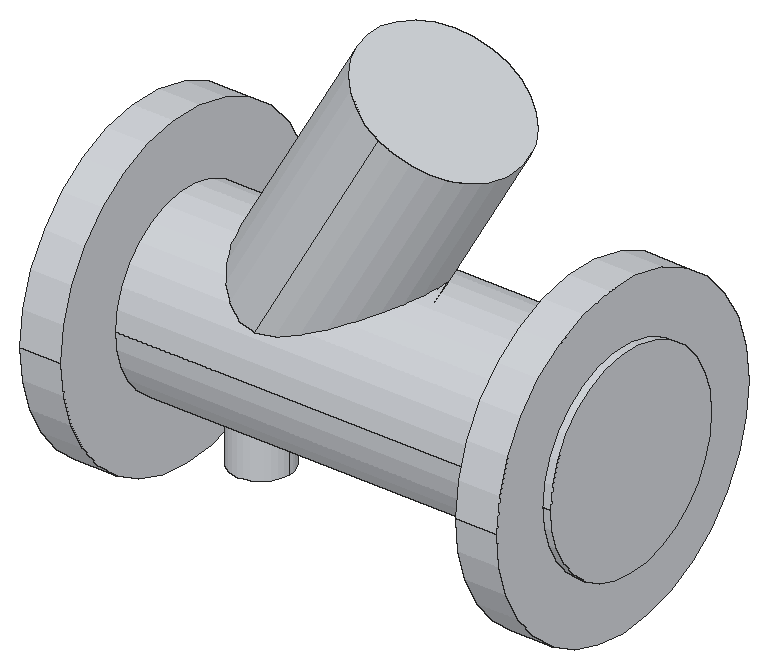
Revit family "HS 821-síto_standard-PN25-DN065-RFA_2018", category Pipe Accessories, Revit 2018
Family settings
  Round Connector Dimension = Use Diameter
  Part Type = Breaks Into
  Work Plane-Based = No
  Always vertical = Yes
  Cut with Voids When Loaded = No
  Shared = No
Parameters (values of type "821D-DN065-PN25-síto_standard")
  magiProductId = "767b0f8318e94750bc7a9930ed5b30"
  magiProductFamilyId = "79214ac3aaa945e397802f559f5c1e"
  magiPartTypeId = 307
  isMeasuringValve [instance] = no
  ang2D [instance] = 0.00°
  ZB__ve = -ZB  # -29.75 mm
  ZB1 = 47.79 mm
  ZB = 29.75 mm
  X2 = 86.927 mm
  X1 = 40.6 mm
  W2D = 15 mm
  VersionID = "2.0/2017.9.26.1/ZETKAMA_821_001"
  Use Minimum Symbol Size [instance] = yes
  URL = "www.hydronic.cz"
  Type Comments = "Filtr přírubový; síto standardní; A-PN16 (-10~300°C); D-PN25 (-10~350°C); F-PN40 (-10~400°C)"
  S = 118 mm
  QmdConnectorList = "301;D;302;D"
  Productdata [instance] = ""
  Manufacturer = "Hydronic Systems Prague s.r.o."
  MC Product Code = "200 265 (821D; DN065; PN25; kvs101,5; oko síta 1,25mm)"
  LM1 = 23.2 mm
  LM = 232 mm
  L4 = 72.5 mm
  L2D_Min = 3048 mm
  L2D = 130 mm
  L2 = 145 mm
  HH2 = 150.562 mm
  FD = 185 mm
  Description = "Filtr přírubový; síto standardní; 821A-PN16; 821D-PN25; 821F-PN40"
  DM1 = 94.2 mm
  DM = 106.2 mm
  D = 65 mm
  CC = 4.93 mm
  CAT0 = yes
  C1 = 24.07 mm
  C = 29 mm
  BD = 33.453 mm
Types (40, lengths in mm): name | magiProductId | ZB__ve | ZB1 | ZB | X2 | X1 | S | MC Product Code | LM1 | LM | L4 | L2 | HH2 | FD | DM1 | DM | D | CC | C1 | C | BD
  821A-DN015-PN16-síto_standard | "a71bcfe8b393460598b23e8ddf7dc5" | -16.25 | 18.63 | 16.25 | 46.982 | 18.2 | 46 | "200 115 (821A; DN015; PN16; kvs6,3; oko síta 1,00mm)" | 10.4 | 104 | 32.5 | 65 | 81.375 | 95 | 27.6 | 41.4 | 15 | 2.21 | 10.79 | 13 | 13.041
  821A-DN020-PN16-síto_standard | "41cd6c7a12924f4991217528336076" | -17.75 | 22.68 | 17.75 | 51.673 | 21 | 56 | "200 120 (821A; DN020; PN16; kvs11,2; oko síta 1,00mm)" | 12 | 120 | 37.5 | 75 | 89.5 | 105 | 33.6 | 50.4 | 20 | 2.55 | 12.45 | 15 | 15.876
  821A-DN025-PN16-síto_standard | "be378b463ed14c3abf4c9b3ae8cf3a" | -19.25 | 26.325 | 19.25 | 58.601 | 22.4 | 65 | "200 125 (821A; DN025; PN16; kvs14,7; oko síta 1,00mm)" | 12.8 | 128 | 40 | 80 | 101.5 | 115 | 43.2 | 58.5 | 25 | 2.72 | 13.28 | 16 | 18.427
  821A-DN032-PN16-síto_standard | "227a0d18b21540afabe8b6067d35fa" | -23 | 30.78 | 23 | 68.849 | 25.2 | 76 | "200 132 (821A; DN032; PN16; kvs23,7; oko síta 1,00mm)" | 14.4 | 144 | 45 | 90 | 119.25 | 140 | 50.4 | 68.4 | 32 | 3.06 | 14.94 | 18 | 21.546
  821A-DN040-PN16-síto_standard | "d106917c74724141a10440112d0102" | -24.5 | 34.02 | 24.5 | 75.777 | 28 | 84 | "200 140 (821A; DN040; PN16; kvs37,7; oko síta 1,00mm)" | 16 | 160 | 50 | 100 | 131.25 | 150 | 60 | 75.6 | 40 | 3.4 | 16.6 | 20 | 23.814
  821A-DN050-PN16-síto_standard | "8255d456a09e4f6486734f5dd9171b" | -26.75 | 40.095 | 26.75 | 79.061 | 32.2 | 99 | "200 150 (821A; DN050 PN16; kvs57,9; oko síta 1,00mm)" | 18.4 | 184 | 57.5 | 115 | 136.938 | 165 | 73.8 | 89.1 | 50 | 3.91 | 19.09 | 23 | 28.066
  821A-DN065-PN16-síto_standard | "235b1b3e4c0843779a4d5e3716d40a" | -29.75 | 47.79 | 29.75 | 86.927 | 40.6 | 118 | "200 165 (821A; DN065; PN16; kvs101,5; oko síta 1,25mm)" | 23.2 | 232 | 72.5 | 145 | 150.562 | 185 | 94.2 | 106.2 | 65 | 4.93 | 24.07 | 29 | 33.453
  821A-DN080-PN16-síto_standard | "a067f7c5236348ed8c820d16df7214" | -32 | 53.46 | 32 | 104.753 | 43.4 | 132 | "200 180 (821A; DN080; PN16; kvs147,4; oko síta 1,25mm)" | 24.8 | 248 | 77.5 | 155 | 181.438 | 200 | 107.4 | 118.8 | 80 | 5.27 | 25.73 | 31 | 37.422
  821A-DN100-PN16-síto_standard | "c49a648c2747461285837d643703cd" | -35 | 63.18 | 35 | 114.857 | 49 | 156 | "200 190 (821A; DN100; PN16; kvs209,6; oko síta 1,60mm)" | 28 | 280 | 87.5 | 175 | 198.937 | 220 | 131.4 | 140.4 | 100 | 5.95 | 29.05 | 35 | 44.226
  821A-DN125-PN16-síto_standard | "bf68e728a163493cbd2a663b26ebdc" | -39.5 | 74.52 | 39.5 | 131.888 | 56 | 184 | "200 191 (821A; DN125; PN16; kvs326,2; oko síta 1,60mm)" | 32 | 320 | 100 | 200 | 228.438 | 250 | 165 | 165.6 | 125 | 6.8 | 33.2 | 40 | 52.164
  821A-DN150-PN16-síto_standard | "2de770284b654863ae6bc865769dc5" | -44.75 | 85.455 | 44.75 | 155.885 | 67.2 | 211 | "200 192 (821A; DN150; PN16; kvs403; oko síta 1,60mm)" | 38.4 | 384 | 120 | 240 | 270 | 285 | 192 | 189.9 | 150 | 8.16 | 39.84 | 48 | 59.818
  821A-DN200-PN16-síto_standard | "8e5693371ab64aabb29a7f08c76e15" | -53 | 107.73 | 53 | 188.361 | 84 | 266 | "200 193 (821A; DN200; PN16; kvs707; oko síta 1,60mm)" | 48 | 480 | 150 | 300 | 326.25 | 340 | 252 | 239.4 | 200 | 10.2 | 49.8 | 60 | 75.411
  821A-DN250-PN16-síto_standard | "05e37ed948c34047acdd4c42556504" | -62.75 | 129.195 | 62.75 | 255.911 | 102.2 | 319 | "200 194 (821A; DN250; PN16; kvs1234; oko síta 1,60mm)" | 58.4 | 584 | 182.5 | 365 | 443.25 | 405 | 309.6 | 287.1 | 250 | 12.41 | 60.59 | 73 | 90.436
  821A-DN300-PN16-síto_standard | "9ad0af747269428da925480d83ce80" | -71 | 149.85 | 71 | 325.914 | 119 | 370 | "200 195 (821A; DN300; PN16; kvs1916; oko síta 1,60mm)" | 68 | 680 | 212.5 | 425 | 564.5 | 460 | 369.6 | 333 | 300 | 14.45 | 70.55 | 85 | 104.895
  821A-DN350-PN16-síto_standard | "eebc71459bb3451bb4355e7951370a" | -80 | 173.745 | 80 | 356.875 | 137.2 | 429 | "200 196 (821A; DN350; PN16; kvs2621; oko síta 1,60mm)" | 78.4 | 784 | 245 | 490 | 618.125 | 520 | 438 | 386.1 | 350 | 16.66 | 81.34 | 98 | 121.621
  821A-DN400-PN16-síto_standard | "d2f677cb196647e385b2590e7d8abe" | -89 | 194.4 | 89 | 392.237 | 154 | 480 | "200 197 (821A; DN400; PN16; kvs3460; oko síta 1,60mm)" | 88 | 880 | 275 | 550 | 679.375 | 580 | 498 | 432 | 400 | 18.7 | 91.3 | 110 | 136.08
  821D-DN015-PN25-síto_standard | "27ddcbf555414f8ca1fde329bf9087" | -16.25 | 18.63 | 16.25 | 46.982 | 18.2 | 46 | "200 215 (821D; DN015; PN25; kvs6,3; oko síta 1,00mm)" | 10.4 | 104 | 32.5 | 65 | 81.375 | 95 | 27.6 | 41.4 | 15 | 2.21 | 10.79 | 13 | 13.041
  821D-DN020-PN25-síto_standard | "270e0f14012f47189cd0235c18faee" | -17.75 | 22.68 | 17.75 | 51.673 | 21 | 56 | "200 220 (821D; DN020; PN25; kvs11,2; oko síta 1,00mm)" | 12 | 120 | 37.5 | 75 | 89.5 | 105 | 33.6 | 50.4 | 20 | 2.55 | 12.45 | 15 | 15.876
  821D-DN025-PN25-síto_standard | "b9a7fb4aa36643878c637d8e1ab992" | -19.25 | 26.325 | 19.25 | 58.601 | 22.4 | 65 | "200 225 (821D; DN025; PN25; kvs14,7; oko síta 1,00mm)" | 12.8 | 128 | 40 | 80 | 101.5 | 115 | 43.2 | 58.5 | 25 | 2.72 | 13.28 | 16 | 18.427
  821D-DN032-PN25-síto_standard | "6be9a55c4e68400f94eec7e804204c" | -23 | 30.78 | 23 | 68.849 | 25.2 | 76 | "200 232 (821D; DN032; PN25; kvs23,7; oko síta 1,00mm)" | 14.4 | 144 | 45 | 90 | 119.25 | 140 | 50.4 | 68.4 | 32 | 3.06 | 14.94 | 18 | 21.546
  821D-DN040-PN25-síto_standard | "c54511bd7f584ec2984291479612cb" | -24.5 | 34.02 | 24.5 | 75.777 | 28 | 84 | "200 240 (821D; DN040; PN25; kvs37,7; oko síta 1,00mm)" | 16 | 160 | 50 | 100 | 131.25 | 150 | 60 | 75.6 | 40 | 3.4 | 16.6 | 20 | 23.814
  821D-DN050-PN25-síto_standard | "5483b1f596b04cd39b23a14a22c90e" | -26.75 | 40.095 | 26.75 | 79.061 | 32.2 | 99 | "200 250 (821D; DN050; PN25; kvs57,9; oko síta 1,00mm)" | 18.4 | 184 | 57.5 | 115 | 136.938 | 165 | 73.8 | 89.1 | 50 | 3.91 | 19.09 | 23 | 28.066
  821D-DN065-PN25-síto_standard | "767b0f8318e94750bc7a9930ed5b30" | -29.75 | 47.79 | 29.75 | 86.927 | 40.6 | 118 | "200 265 (821D; DN065; PN25; kvs101,5; oko síta 1,25mm)" | 23.2 | 232 | 72.5 | 145 | 150.562 | 185 | 94.2 | 106.2 | 65 | 4.93 | 24.07 | 29 | 33.453
  821D-DN080-PN25-síto_standard | "e21040fa3cc2404b858198f6b73709" | -32 | 53.46 | 32 | 104.753 | 43.4 | 132 | "200 280 (821D; DN080; PN25; kvs147,4; oko síta 1,25mm)" | 24.8 | 248 | 77.5 | 155 | 181.438 | 200 | 107.4 | 118.8 | 80 | 5.27 | 25.73 | 31 | 37.422
  821D-DN100-PN25-síto_standard | "175ca87a506b40b3bc6b82f12f33cf" | -37.25 | 63.18 | 37.25 | 114.857 | 49 | 156 | "200 290 (821D; DN100; PN25; kvs209,6; oko síta 1,60mm)" | 28 | 280 | 87.5 | 175 | 198.937 | 235 | 131.4 | 140.4 | 100 | 5.95 | 29.05 | 35 | 44.226
  821D-DN125-PN25-síto_standard | "77cc98d60da24855999a22dff726b2" | -42.5 | 74.52 | 42.5 | 131.888 | 56 | 184 | "200 291 (821D; DN125; PN25; kvs326,2; oko síta 1,60mm)" | 32 | 320 | 100 | 200 | 228.438 | 270 | 165 | 165.6 | 125 | 6.8 | 33.2 | 40 | 52.164
  821D-DN150-PN25-síto_standard | "9cf8acfcd15547d68e83172d3abcbe" | -47 | 85.455 | 47 | 155.885 | 67.2 | 211 | "200 292 (821D; DN150; PN25; kvs403; oko síta 1,60mm)" | 38.4 | 384 | 120 | 240 | 270 | 300 | 192 | 189.9 | 150 | 8.16 | 39.84 | 48 | 59.818
  821D-DN200-PN25-síto_standard | "16973f3c9ea14389ba8602495a6b64" | -56 | 110.97 | 56 | 188.361 | 84 | 274 | "200 293 (821D; DN200; PN25; kvs707; oko síta 1,60mm)" | 48 | 480 | 150 | 300 | 326.25 | 360 | 252 | 246.6 | 200 | 10.2 | 49.8 | 60 | 77.679
  821F-DN015-PN40-síto_standard | "4c7eaf3c4c0340888b3e684d8a8616" | -16.25 | 18.225 | 16.25 | 46.982 | 18.2 | 45 | "240 615 (821F; DN015; PN40; kvs6,3; oko síta 1,00mm)" | 10.4 | 104 | 32.5 | 65 | 81.375 | 95 | 27.6 | 40.5 | 15 | 2.21 | 10.79 | 13 | 12.757
  821F-DN020-PN40-síto_standard | "aaac5f1ec96b44d6ba96ac2293d66d" | -17.75 | 23.49 | 17.75 | 51.673 | 21 | 58 | "240 620 (821F; DN020; PN40; kvs11,2; oko síta 1,00mm)" | 12 | 120 | 37.5 | 75 | 89.5 | 105 | 33.6 | 52.2 | 20 | 2.55 | 12.45 | 15 | 16.443
  821F-DN025-PN40-síto_standard | "504768023968471481789485b54c7e" | -19.25 | 27.54 | 19.25 | 58.601 | 22.4 | 68 | "240 625 (821F; DN025; PN40; kvs14,7; oko síta 1,00mm)" | 12.8 | 128 | 40 | 80 | 101.5 | 115 | 43.2 | 61.2 | 25 | 2.72 | 13.28 | 16 | 19.278
  821F-DN032-PN40-síto_standard | "165e7f39cf744f329bdf1c400dad12" | -23 | 31.59 | 23 | 68.849 | 25.2 | 78 | "240 632 (821F; DN032; PN40; kvs23,7; oko síta 1,00mm)" | 14.4 | 144 | 45 | 90 | 119.25 | 140 | 50.4 | 70.2 | 32 | 3.06 | 14.94 | 18 | 22.113
  821F-DN040-PN40-síto_standard | "b8903f952089408fbf3a5a632bab1f" | -24.5 | 35.64 | 24.5 | 75.777 | 28 | 88 | "240 640 (821F; DN040; PN40; kvs37,7; oko síta 1,00mm)" | 16 | 160 | 50 | 100 | 131.25 | 150 | 60 | 79.2 | 40 | 3.4 | 16.6 | 20 | 24.948
  821F-DN050-PN40-síto_standard | "c451f97266fe48da8f879cb6a2bd44" | -26.75 | 41.31 | 26.75 | 79.061 | 32.2 | 102 | "240 650 (821F; DN050; PN40; kvs57,9; oko síta 1,00mm)" | 18.4 | 184 | 57.5 | 115 | 136.938 | 165 | 73.8 | 91.8 | 50 | 3.91 | 19.09 | 23 | 28.917
  821F-DN065-PN40-síto_standard | "dc9821e3f9b34e128f6a8c6b34c198" | -29.75 | 49.41 | 29.75 | 86.927 | 40.6 | 122 | "240 665 (821F; DN065; PN40; kvs101,5; oko síta 1,25mm)" | 23.2 | 232 | 72.5 | 145 | 150.562 | 185 | 94.2 | 109.8 | 65 | 4.93 | 24.07 | 29 | 34.587
  821F-DN080-PN40-síto_standard | "689aa1e260f84cf4994f027a1d86b5" | -32 | 55.89 | 32 | 104.753 | 43.4 | 138 | "240 680 (821F; DN080; PN40; kvs147,4; oko síta 1,25mm)" | 24.8 | 248 | 77.5 | 155 | 181.438 | 200 | 107.4 | 124.2 | 80 | 5.27 | 25.73 | 31 | 39.123
  821F-DN100-PN40-síto_standard | "8a45d4e8e2ab425f8c432f21d684f3" | -37.25 | 65.61 | 37.25 | 114.857 | 49 | 162 | "240 690 (821F; DN100; PN40; kvs209,6; oko síta 1,6mm)" | 28 | 280 | 87.5 | 175 | 198.937 | 235 | 131.4 | 145.8 | 100 | 5.95 | 29.05 | 35 | 45.927
  821F-DN125-PN40-síto_standard | "cf073904c006406b8645afa67ea2fc" | -42.5 | 76.14 | 42.5 | 131.888 | 56 | 188 | "240 691 (821F; DN125; PN40; kvs326,2; oko síta 1,6mm)" | 32 | 320 | 100 | 200 | 228.438 | 270 | 165 | 169.2 | 125 | 6.8 | 33.2 | 40 | 53.298
  821F-DN150-PN40-síto_standard | "0153b9ddabe14992a630484929fdbc" | -47 | 88.29 | 47 | 155.885 | 67.2 | 218 | "240 692 (821F; DN150; PN40; kvs403; oko síta 1,6mm)" | 38.4 | 384 | 120 | 240 | 270 | 300 | 192 | 196.2 | 150 | 8.16 | 39.84 | 48 | 61.803
  821F-DN200-PN40-síto_standard | "7fb3fc01dd8d42428c203e3f8dd4d5" | -56 | 115.425 | 56 | 188.361 | 84 | 285 | "240 693 (821F; DN200; PN40; kvs707; oko síta 1,6mm)" | 48 | 480 | 150 | 300 | 326.25 | 360 | 252 | 256.5 | 200 | 10.2 | 49.8 | 60 | 80.797
Reference planes
  plane 1 "Center (Front/Back)": y = 0
  plane 2 "XYPLANE": z = 0
  plane 3 "Center (Left/Right)": x = 0
  plane 4 "109": x = -92.8
  plane 5 "108": x = 116
  plane 6 "107": x = -116
  plane 7 "105": x = 145
  plane 8 "104": x = -145
  plane 9 "103": y = 0
  plane 10 "102": z = 0
  plane 11 "101": x = -140.07
  plane 12 "100": x = 140.07
  plane 13 "11": x = -52.2
  plane 14 "10": z = 150.562
  plane 15 "9": x = 34.727
  plane 16 "5": z = -47.79
  plane 17 "4": x = -72.5
  plane 18 "1": x = 72.5
Forms (mm)
  Extrusion 1, solid, visible <- "CAT0"
    sketch origin (-116, -750, 0) x (0, 1, 0) y (0, 0, 1)
      loop
        circle (750, 0) r 53.1
    from 0 to 232 <- "LM"
  Extrusion 2, solid
    sketch origin (-145, -750, 0) x (0, 1, 0) y (0, 0, 1)
      loop
        circle (750, 0) r 59
    from 0 to 4.93 <- "CC"
  Extrusion 3, solid
    sketch origin (-140.07, -750, 0) x (0, 1, 0) y (0, 0, 1)
      loop
        circle (750, 0) r 92.5
    from 0 to 24.07 <- "C1"
  Extrusion 4, solid
    sketch origin (116, -750, 0) x (0, 1, 0) y (0, 0, 1)
      loop
        circle (750, 0) r 92.5
    from 0 to 24.07 <- "C1"
  Extrusion 5, solid
    sketch origin (140.07, -750, 0) x (0, 1, 0) y (0, 0, 1)
      loop
        circle (750, 0) r 59
    from 0 to 4.93 <- "CC"
  Sweep 6, solid, visible <- "CAT0"
    path origin (750, 0, 0) x (-1, 0, 0) y (0, 0, 1)
      loop
        line (866, 0) -> (802.2, 0) -> (715.273, 150.562)
    profile origin (-116, 0, 0) x (0, 0, -1) y (0, 1, 0)
      loop
        circle (0, 0) r 47.1
  Extrusion 7, solid, visible <- "CAT0"
    sketch origin (-750, 0, -47.79) x (1, 0, 0) y (0, 1, 0)
      loop
        circle (677.5, 0) r 16.726
    from 0 to -29.75 <- "ZB__ve"
  Extrusion 8, solid, visible <- "CAT0"
    sketch origin (-750, 0, -47.79) x (1, 0, 0) y (0, 1, 0)
      loop
        circle (822.5, 0) r 16.726
    from 0 to -29.75 <- "ZB__ve"
  Extrusion 9, solid, not visible
    sketch origin (145, -750, 0) x (0, 1, 0) y (0, 0, 1)
      loop
        circle (750, 0) r 10
    from 0 to -10
  Extrusion 10, solid, not visible
    sketch origin (-145, -750, 0) x (0, 1, 0) y (0, 0, 1)
      loop
        circle (750, 0) r 10
    from 0 to 10
Lines and regions (mm)
  reference lines, not visible
    curve 1: circle (2, 2, 0) r 1 normal (0, 0, 1)
Dimensions and locks
  plane 1 "Center (Front/Back)" to curve 1 = 2 mm
  "LM1": plane 6 "107" to plane 4 "109"
  "LM": plane 6 "107" to plane 5 "108"
  "C": plane 8 "104" to plane 6 "107"
  "L2": plane 3 "Center (Left/Right)" to plane 7 "105"
  "L2": plane 3 "Center (Left/Right)" to plane 8 "104"
  locked: plane 1 "Center (Front/Back)" to plane 9 "103"
  locked: plane 2 "XYPLANE" to plane 10 "102"
  "CC": plane 8 "104" to plane 11 "101"
  "C1": plane 5 "108" to plane 12 "100"
  "X1": plane 4 "109" to plane 13 "11"
  "HH2": plane 2 "XYPLANE" to plane 14 "10"
  "X2": plane 13 "11" to plane 15 "9"
  "ZB1": plane 2 "XYPLANE" to plane 16 "5"
  "L4": plane 8 "104" to plane 17 "4"
  "L2": plane 17 "4" to plane 18 "1"
  Sweep 6 sketch curve to Sweep 6 sketch curve = 0 mm  (x2)
  "DM": diameter of Extrusion 1 sketch curve
  "S": diameter of Extrusion 2 sketch curve
  "FD": diameter of Extrusion 3 sketch curve
  "FD": diameter of Extrusion 4 sketch curve
  "S": diameter of Extrusion 5 sketch curve
  "DM1": diameter of Sweep 6 sketch curve
  "BD": diameter of Extrusion 7 sketch curve
  "BD": diameter of Extrusion 8 sketch curve
  aligned and locked: level to plane 2 "XYPLANE"
  aligned and locked: Extrusion 1 sketch curve to plane 9 "103"
  aligned and locked: plane 10 "102" to Extrusion 1 sketch curve
  aligned and locked: Extrusion 2 sketch curve to plane 9 "103"
  aligned and locked: plane 10 "102" to Extrusion 2 sketch curve
  aligned and locked: Extrusion 3 sketch curve to plane 9 "103"
  aligned and locked: plane 10 "102" to Extrusion 3 sketch curve
  aligned and locked: Extrusion 4 sketch curve to plane 9 "103"
  aligned and locked: plane 10 "102" to Extrusion 4 sketch curve
  aligned and locked: Extrusion 5 sketch curve to plane 9 "103"
  aligned and locked: plane 10 "102" to Extrusion 5 sketch curve
  aligned and locked: Sweep 6 sketch curve to plane 9 "103"
  aligned and locked: plane 10 "102" to Sweep 6 sketch curve  (x3)
  aligned and locked: plane 6 "107" to Sweep 6 sketch curve
  aligned and locked: plane 13 "11" to Sweep 6 sketch curve
  aligned and locked: plane 14 "10" to Sweep 6 sketch curve
  aligned and locked: plane 15 "9" to Sweep 6 sketch curve
  aligned and locked: plane 9 "103" to Extrusion 7 sketch curve
  aligned and locked: plane 17 "4" to Extrusion 7 sketch curve
  aligned and locked: plane 9 "103" to Extrusion 8 sketch curve
  aligned and locked: plane 18 "1" to Extrusion 8 sketch curve
  aligned and locked: Extrusion 9 sketch curve to plane 9 "103"
  aligned and locked: plane 10 "102" to Extrusion 9 sketch curve
  aligned and locked: Extrusion 10 sketch curve to plane 9 "103"
  aligned and locked: plane 10 "102" to Extrusion 10 sketch curve
Automatic sketch dimensions
  plane 1 "Center (Front/Back)" to Extrusion 9 sketch curve = 10 mm
  plane 1 "Center (Front/Back)" to Extrusion 10 sketch curve = 10 mm
  plane 3 "Center (Left/Right)" to curve 1 = 2 mm
  radius of curve 1 = 1 mm
Connectors
  piping at (-145, 0, 0), diameter 65, driven by "D"
    settings: on Extrusion 10, index 1, connector inside diameter 609.6 mm, connector length 0 mm, flow factor 0, pipe flow 0.0 L/s, pressure drop 0.0 Pa, fitting loss kfactor 0, connector angle 0.00°, fixture units 0, engagement length 0 mm, angle of deflection 0.00°, flow configuration 0, flow direction 0, fitting loss method 0, system type 29, joint type 0, gender type 0, connector reference index 2, connector utility 0, adjustable connector no, is connector primary yes, connector description ""
  piping at (145, 0, 0), diameter 65, driven by "D"
    settings: on Extrusion 9, index 2, connector inside diameter 609.6 mm, connector length 0 mm, flow factor 0, pipe flow 0.0 L/s, pressure drop 0.0 Pa, fitting loss kfactor 0, connector angle 0.00°, fixture units 0, engagement length 0 mm, angle of deflection 0.00°, flow configuration 0, flow direction 0, fitting loss method 0, system type 29, joint type 0, gender type 0, connector reference index 1, connector utility 0, adjustable connector no, is connector primary no, connector description ""
